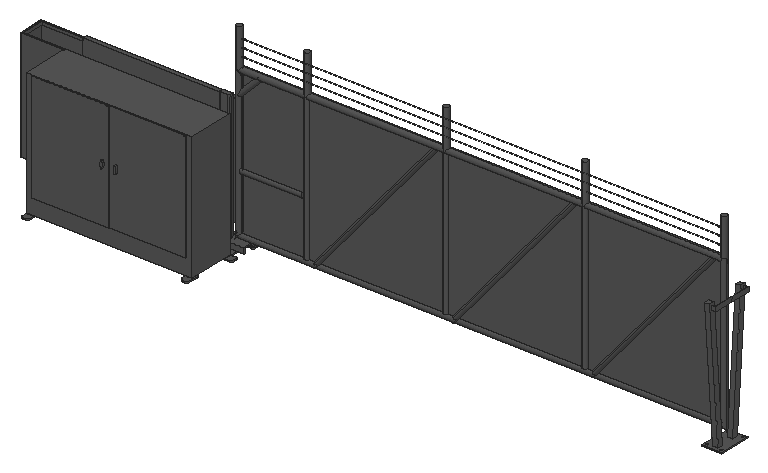
Revit family "1Construction_Fences-&-Traffic-Security_AutoGate_Chainlink-Pivot-Gates", category Specialty Equipment, Revit 2023
Family settings
  Round Connector Dimension = Use Diameter
  Part Type = Normal
  OmniClass Number = 23.25.40.21.21
  OmniClass Title = Gates
  Work Plane-Based = Yes
  Enable Cutting in Views = Yes
  Always vertical = Yes
  Cut with Voids When Loaded = No
  Maintain Annotation Orientation = No
  Shared = No
  Room Calculation Point = No
Parameters (values of type "Chainlink VPG with Barb Wire")
  z_York Pad Clearance [instance] = and(Concrete Pad Min. Clearance, or(Yoke Option = 5, Yoke Option = 6, Yoke Option = 7))  # yes
  z_Yoke Pad 2 [instance] = if(Yoke Option = 5, 9.500", 5.500")  # 5.500"
  z_Yoke Pad 1 [instance] = if(Yoke Option = 5, 3.500", 7.500")  # 7.500"
  z_Visibility 4 [instance] = z_No of Poles = 5  # no
  z_Visibility 3 [instance] = or(z_No of Poles = 4, z_No of Poles = 5)  # yes
  z_Type Index = 2
  z_Pole Height [instance] = if(z_Type Index = 2, (Height - 7.375" + 2.583"), Height - 7.375")  # 75.208"
  z_No of Poles [instance] = roundup((Length - 27.625" - 2.375") / 74.990") + 1  # 4
  z_FT Distance [instance] = if(z_Type Index = 1, 0.000", 12.000")  # 12.000"
  z_Distance Between Poles [instance] = (Length - 27.625" - 2.375") / (z_No of Poles - 1)  # 56.66667"
  z_Distance BP4 [instance] = z_Distance Between Poles * 4  # 226.66667"
  z_Distance BP3 [instance] = z_Distance Between Poles * 3  # 170.000"
  z_Distance BP2 [instance] = z_Distance Between Poles * 2  # 113.33333"
  z_Barb Wire Visibility = if(z_Type Index = 1, 1 = 0, 1 = 1)  # yes
  Yoke Options Note [instance] = "Hover over to see Yoke Options!\r\n0-None\r\n1-Style A – Post Mounted\r\n2-Style B – Post Mounted\r\n3-Style C – Offset Wall or Post Mounted\r\n4-Style D – Wall or Post Mounted\r\n5-Style DA5 – Pad Mounted\r\n6-Style E – Standard Pad Monted\r\n7-Style F – Gate Perpendicular to Wall\r\n8-Style G – Buried in the Ground\r\n9-Style H – Offset Wall or Post Mount \r\n10-Style Dual Split – Primary Reference – Used on 8” Plus Primary/Secondary Setups\r\n11-Style Dual Split – Secondary Reference – Used on 8” Plus Primary/Secondary Setups\r\n12-Style Dual Center – Used on shorter Primary/Secondary Setups"  # constant formula
  Yoke Option [instance] = 6
  Yoke Material [instance] = AutoGate - Steel - Powder Coated - Black
  Yoke [instance] = if(Yoke Option = 1, "Style A", if(Yoke Option = 2, "Style B", if(Yoke Option = 3, "Style C", if(Yoke Option = 4, "Style D", if(Yoke Option = 5, "Style DA5", if(Yoke Option = 6, "Style E", if(Yoke Option = 7, "Style F", if(Yoke Option = 8, "Style G", if(Yoke Option = 9, "Style H", if(Yoke Option = 10, "Style Dual Split - Primary Reference", if(Yoke Option = 11, "Style Dual Split - Secondary Reference", if(Yoke Option = 12, "Style Dual Center", "None"))))))))))))  # "Style E"
  Voltage [instance] = if([240VAC 1PH 20Amp], 240 V, 120 V)  # 120 V
  Version = 1  # constant formula
  URL = "https://www.autogate.com/"
  Righthand Gate [instance] = not(Lefthand Gate)  # no
  Rated Load Current [instance] = 20 A
  Product data url = "https://www.bimobject.com/en/autogate/product/chainlink-pivot-gates"
  Product Page URL = "https://www.autogate.com/vertical-pivot-gates/"
  Product Documentation Link = "https://www.itwredhead.com/portals/0/fmproductcatalog/documents/products/39/trubolttechnicaldata.pdf"
  Power Option [instance] = if([240VAC 1PH 20Amp], "240VAC 1PH 20Amp", "120VAC 1PH 20Amp")  # "120VAC 1PH 20Amp"
  Power Factor [instance] = 1
  Operator to Yoke Length [instance] = Length - 2.000" - 2.400"  # 195.600"
  Number of Poles [instance] = 1  # constant formula
  Model = if(z_Type Index = 1, "Chainlink - VPG - Flat Top", "Chainlink - VPG - Barb Wire")  # "Chainlink - VPG - Barb Wire"
  Lefthand Gate [instance] = yes
  Keynote = "323100"  # constant formula
  Installation instructions = "https://www.itwredhead.com/portals/0/fmproductcatalog/documents/products/95/truboltsubmittal-1.pdf"
  Geometry Note [instance] = "Geometry is generic and used for presentation only. User should contact MFR to create geometry as per wishes and local standards. User should also consult factory for gates over 8’ high as they require special crating and freight arrangements."  # constant formula
  Gate Operator Side Note [instance] = "Hover over to see Gate Operator Side Options!\nOptions are:\n- Lefthand\n- Righthand\nPlease Select correct option based on specific situation, for every instance in the project.\nHave in mind that left/right side is always defined looking from the Private Side of the gate.\nOperator maintenance doors are away in the Private Side."  # constant formula
  Operator Type [instance] = if(Lefthand Gate, "Lefthand VPG2490", "Righthand VPG2490")  # "Lefthand VPG2490"
  Operator Material [instance] = AutoGate - Steel - Powder Coated - Black
  Min Gate Length [instance] = 120.000"  # constant formula
  Min Gate Height [instance] = 48.000"  # constant formula
  Max Gate Length [instance] = 300.000"  # constant formula
  Max Gate Height [instance] = 96.000"  # constant formula
  Length Input [instance] = 200.000"
  Length [instance] = if(Length Input < Min Gate Length, Min Gate Length, if(Length Input > Max Gate Length, Max Gate Length, Length Input))  # 200.000"
  Height Input [instance] = 80.000"
  Height [instance] = if(Height Input < Min Gate Height, Min Gate Height, if(Height Input > Max Gate Height, Max Gate Height, Height Input))  # 80.000"
  Gate Material [instance] = AutoGate - Steel - Powder Coated - Black
  Manufacturer = "AutoGate"  # constant formula
  Fence Post OD Input [instance] = 0.000"
  Fence Post OD [instance] = if(or(Yoke Option = 1, Yoke Option = 2), Fence Post OD Input, 0.000")  # 0.000"
  Description = "Chainlink Vertcal Pivot Gate"  # constant formula
  Default Elevation = 0.000"
  Date Updated = "-"  # constant formula
  Date Created = "2025/09/17"  # constant formula
  Concrete Pad Min. Clearance [instance] = yes
  Chainlink Mesh Gate Material [instance] = AutoGate - Steel Gate Screen - Powder Coated - Black
  Barrier Screen Material [instance] = AutoGate - Steel Screen - Powder Coated - Black
  Assembly Code = "G2040100"
  Apparent Load [instance] = 0 VA
  240VAC 1PH 20Amp [instance] = no
  120VAC 1PH 20Amp [instance] = not([240VAC 1PH 20Amp])  # yes
Reference planes (in)
  plane 1 "Center (Front/Back)": y = 0
  plane 2: z = 0
  plane 3 "Center (Left/Right)": x = 0
  plane 4 "L1": x = -100
  plane 5 "L2": x = 100
  plane 6: z = 5
  plane 7: x = 98.625
  plane 8: z = -36
  plane 9: y = 9
  plane 10: y = -9
  plane 11: x = 105.5
  plane 12: x = 92.5
  plane 13: y = 9.474
  plane 14: x = -173.5925
  plane 15: x = -91.5925
  plane 16: y = -38.526
  plane 17 "H": z = 80
  plane 18: z = 7.375
  plane 19 "FT": z = 68
  plane 20: z = 65.625
  plane 21: x = -72.375
  plane 22 "bw3": z = 78
  plane 23 "bw2": z = 74.75
  plane 24 "bw1": z = 71.5
  plane 25 "D1": x = -15.70833
  plane 26 "D4": x = 154.29167
  plane 27 "D2": x = 40.95833
  plane 28 "D3": x = 97.625
  plane 29: x = 97.625
  plane 30: z = 28.875
Forms (in)
  Sweep 1, solid, material "AutoGate - Steel - Powder Coated - Black" <- "Gate Material"
    path origin (-106.3001, 0.375, 48) x (-1, 0, 0) y (0, 0, 1)
      loop
        line (-6.3001, 20) -> (-206.3001, 20) -> (-206.3001, -43) -> (-6.3001, -43) -> (-6.3001, 20)
    profile origin (0, 0.375, 68) x (0, 0, -1) y (0, 1, 0)
      loop
        circle (1.1875, -0.375) r 1.1875
  Sweep 2, solid, material "AutoGate - Steel - Powder Coated - Black" <- "Gate Material", detail levels medium+fine
    path origin (-106.3001, 0.375, 48) x (-1, 0, 0) y (0, 0, 1)
      loop
        line (-38.70116, -43) -> (-88.59177, 17.625)
    profile origin (-42.65364, 0.375, 35.3125) x (0.772154, 0, -0.635435) y (0, 1, 0)
      loop
        circle (-1, -0.375) r 1
  Sweep 3, solid, material "AutoGate - Steel - Powder Coated - Black" <- "Gate Material", detail levels medium+fine
    path origin (-31.31052, 0.375, 48) x (-1, 0, 0) y (0, 0, 1)
      loop
        line (-20.37833, -43) -> (-70.26894, 17.625)
    profile origin (14.01311, 0.375, 35.3125) x (0.772154, 0, -0.635435) y (0, 1, 0)
      loop
        circle (-1, -0.375) r 1
  Sweep 4, solid, material "AutoGate - Steel - Powder Coated - Black" <- "Gate Material", visible <- "z_Visibility 3", detail levels medium+fine
    path origin (28.6999, 0.375, 48) x (-1, 0, 0) y (0, 0, 1)
      loop
        line (-17.03449, -43) -> (-66.9251, 17.625)
    profile origin (70.67969, 0.375, 35.3125) x (0.772154, 0, -0.635435) y (0, 1, 0)
      loop
        circle (-1, -0.375) r 1
  Sweep 5, solid, material "AutoGate - Steel - Powder Coated - Black" <- "Gate Material", visible <- "z_Visibility 4", detail levels medium+fine
    path origin (103.68948, 0.375, 48) x (-1, 0, 0) y (0, 0, 1)
      loop
        line (1.28834, -43) -> (-48.60227, 17.625)
    profile origin (127.34644, 0.375, 35.3125) x (0.772154, 0, -0.635435) y (0, 1, 0)
      loop
        circle (-1, -0.375) r 1
  Extrusion 6, solid, material "AutoGate - Steel - Powder Coated - Black" <- "Gate Material", detail levels coarse
    sketch origin (-106.3001, 0, 48) x (-1, 0, 0) y (0, 0, 1)
      loop
        line (-8.6751, 32) -> (-203.9251, 32) -> (-203.9251, -40.625) -> (-8.6751, -40.625) -> (-8.6751, 32)
    from -0.5 to 0.5
  Extrusion 7, solid, material "AutoGate - Steel Gate Screen - Powder Coated - Black" <- "Chainlink Mesh Gate Material", detail levels medium+fine
    sketch origin (-106.3001, 0, 48) x (-1, 0, 0) y (0, 0, 1)
      loop
        line (-8.6751, 17.625) -> (-203.9251, 17.625) -> (-203.9251, -40.625) -> (-8.6751, -40.625) -> (-8.6751, 17.625)
    from -0.5 to 0.5
  Extrusion 8, solid, material "AutoGate - Steel - Powder Coated - Black" <- "Gate Material", visible <- "z_Barb Wire Visibility", detail levels medium+fine
    sketch origin (0, 0, 0) x (0, 1, 0) y (0, 0, 1)
      loop
        circle (0, 71.5) r 0.05
      loop
        circle (0, 74.75) r 0.05
      loop
        circle (0, 78) r 0.05
    from -97.625 to 97.625
  Sweep 9, solid, material "AutoGate - Steel - Powder Coated - Black" <- "Gate Material", detail levels medium+fine
    path origin (-106.3001, 0.375, 48) x (-1, 0, 0) y (0, 0, 1)
      loop
        line (-8.6751, -19.125) -> (-33.9251, -19.125)
    profile origin (-85, 0.375, 28.875) x (0, 0, -1) y (0, 1, 0)
      loop
        circle (-1.1875, -0.375) r 1.1875
  Sweep 10, solid, material "AutoGate - Steel - Powder Coated - Black" <- "Gate Material", detail levels medium+fine
    path origin (-106.3001, 0.375, 48) x (-1, 0, 0) y (0, 0, 1)
      loop
        line (-8.6751, 9.13986) -> (-17.16025, 17.625)
    profile origin (-89.13986, 0.375, 65.625) x (0.707107, 0, -0.707107) y (0, 1, 0)
      loop
        circle (-1.1875, -0.375) r 1.1875
Lines and regions (in)
  Masking region 1
    outline origin (-116.90053, -180, -36) x (-1, 0, 0) y (0, -1, 0)
      loop
        arc (-18.08803, -181.1875) -> (-16.90053, -180) -> (-18.08803, -178.8125) r 1.1875
        line (-18.08803, -178.8125) -> (-215.71303, -178.8125)
        arc (-215.71303, -178.8125) -> (-216.90053, -180) -> (-215.71303, -181.1875) r 1.1875
        line (-215.71303, -181.1875) -> (-18.08803, -181.1875)
  Masking region 2, visible <- "z_Barb Wire Visibility", detail levels medium+fine
    outline origin (-116.90053, -180, -36) x (-1, 0, 0) y (0, -1, 0)
      loop
        line (-19.27553, -180.025) -> (-19.27553, -179.975) -> (-214.52553, -179.975) -> (-214.52553, -180.025) -> (-19.27553, -180.025)
  model lines, style "AutoGate_Concrete Pad Clearance", visible <- "z_York Pad Clearance"
    curve 1: line (105.5, 9, 0) -> (92.5, 9, 0)
    curve 2: line (105.5, -9, 0) -> (105.5, 9, 0)
    curve 3: line (92.5, -9, 0) -> (105.5, -9, 0)
    curve 4: line (92.5, 9, 0) -> (92.5, -9, 0)
    curve 13: line (105.5, 9, -36) -> (92.5, 9, -36)
    curve 14: line (92.5, 9, -36) -> (92.5, -9, -36)
    curve 15: line (92.5, -9, -36) -> (105.5, -9, -36)
    curve 16: line (105.5, -9, -36) -> (105.5, 9, -36)
    curve 21: line (92.5, 9, 0) -> (92.5, 9, -36)
    curve 22: line (92.5, -9, -36) -> (92.5, -9, 0)
    curve 23: line (105.5, 9, 0) -> (105.5, 9, -36)
    curve 24: line (105.5, -9, -36) -> (105.5, -9, 0)
  model lines, style "AutoGate_Concrete Pad Clearance", visible <- "Concrete Pad Min. Clearance"
    curve 5: line (-91.5925, 9.474, 0) -> (-173.5925, 9.474, 0)
    curve 6: line (-173.5925, -38.526, 0) -> (-173.5925, 9.474, 0)
    curve 7: line (-91.5925, -38.526, 0) -> (-173.5925, -38.526, 0)
    curve 8: line (-91.5925, 9.474, 0) -> (-91.5925, -38.526, 0)
    curve 9: line (-91.5925, 9.474, -36) -> (-173.5925, 9.474, -36)
    curve 10: line (-173.5925, -38.526, -36) -> (-173.5925, 9.474, -36)
    curve 11: line (-91.5925, -38.526, -36) -> (-173.5925, -38.526, -36)
    curve 12: line (-91.5925, 9.474, -36) -> (-91.5925, -38.526, -36)
    curve 17: line (-173.5925, 9.474, 0) -> (-173.5925, 9.474, -36)
    curve 18: line (-173.5925, -38.526, 0) -> (-173.5925, -38.526, -36)
    curve 19: line (-91.5925, -38.526, 0) -> (-91.5925, -38.526, -36)
    curve 20: line (-91.5925, 9.474, 0) -> (-91.5925, 9.474, -36)
Dimensions and locks (in)
  equal spacing: plane 5 "L2", plane 3 "Center (Left/Right)", plane 4 "L1"
  "Length": plane 5 "L2" to plane 4 "L1"
  locked: plane 6 to plane 2 at 5
  locked: plane 5 "L2" to plane 7 at 1.375
  locked: nested 2 to plane 1 "Center (Front/Back)" at 0.021
  nested 2 to nested 2 = 17.500"
  plane 2 to plane 8 = 36.000"
  locked: plane 13 to nested 2 at 3
  locked: plane 16 to plane 13 at 48
  locked: plane 14 to plane 15 at 82
  locked: plane 4 "L1" to plane 15 at 8.4075
  "z_Yoke Pad 1": plane 12 to plane 5 "L2"
  "z_Yoke Pad 2": plane 5 "L2" to plane 11
  curve 3 to plane 1 "Center (Front/Back)" to curve 1 = 9.000" locked, 9.000" locked
  "Height": plane 17 "H" to plane 2
  locked: plane 4 "L1" to nested 2 at 0.9075
  "z_FT Distance": plane 17 "H" to plane 19 "FT"
  locked: plane 19 "FT" to plane 20 at 2.375
  locked: plane 21 to plane 4 "L1" at 27.625
  locked: plane 18 to plane 2 at 7.375
  "z_Distance Between Poles": plane 21 to plane 25 "D1"
  "z_Distance BP2": plane 21 to plane 27 "D2"
  "z_Distance BP3": plane 21 to plane 28 "D3"
  "z_Distance BP4": plane 21 to plane 26 "D4"
  locked: plane 5 "L2" to plane 29 at 2.375
  equal spacing: group 1, group 3, group 7, group 2  (x3)
  locked: Sweep 2 sketch curve to plane 25 "D1" at 2
  locked: plane 21 to Sweep 2 sketch curve at 4.77605
  locked: Sweep 3 sketch curve to plane 27 "D2" at 1.99992
  locked: plane 25 "D1" to Sweep 3 sketch curve at 4.77614
  locked: plane 27 "D2" to Sweep 4 sketch curve at 4.77605
  locked: Sweep 4 sketch curve to plane 28 "D3" at 2
  locked: plane 28 "D3" to Sweep 5 sketch curve at 4.77614
  locked: plane 26 "D4" to Sweep 5 sketch curve at 1.99992
  locked: Extrusion 6 sketch curve to plane 4 "L1" at 2.375
  locked: plane 5 "L2" to Extrusion 6 sketch curve at 2.375
  locked: Extrusion 7 sketch curve to plane 4 "L1" at 2.375
  locked: plane 5 "L2" to Extrusion 7 sketch curve at 2.375
  plane 17 "H" to plane 22 "bw3" to plane 23 "bw2" to plane 24 "bw1" = 2.000" locked, 3.250" locked, 3.250" locked
  locked: plane 4 "L1" to Extrusion 8 at 2.375
  locked: plane 5 "L2" to Extrusion 8 at 2.375
  locked: plane 30 to plane 2 at 28.875
  locked: Sweep 9 sketch curve to plane 4 "L1" at 2.375
  locked: Sweep 9 sketch curve to plane 4 "L1" at 27.625
  locked: Sweep 10 sketch curve to plane 4 "L1" at 2.375
  locked: plane 19 "FT" to Sweep 10 sketch curve at 2.375
  locked: Sweep 10 sketch curve to plane 4 "L1" at 10.86014
  locked: plane 19 "FT" to Sweep 10 sketch curve at 10.86014
  equal spacing: group 4, group 6, group 8, group 5  (x3)
  locked: nested 9 to plane 5 "L2" at 2.375
  locked: plane 4 "L1" to Masking region 2 sketch curve at 2.375
  locked: Masking region 2 sketch curve to plane 5 "L2" at 2.375
  aligned and locked: level to plane 2
  aligned and locked: plane 1 "Center (Front/Back)" to nested 1
  aligned and locked: nested 1 to plane 5 "L2"
  aligned and locked: nested 1 to plane 2
  aligned and locked: curve 2 to plane 11
  aligned and locked: curve 4 to plane 12
  aligned and locked: curve 6 to plane 14
  aligned and locked: curve 7 to plane 16
  aligned and locked: curve 8 to plane 15
  aligned and locked: curve 9 to curve 5
  aligned and locked: curve 10 to plane 14
  aligned and locked: curve 11 to plane 16
  aligned and locked: curve 12 to plane 15
  aligned and locked: curve 13 to curve 1
  aligned and locked: curve 14 to curve 4
  aligned and locked: curve 15 to curve 3
  aligned and locked: curve 16 to curve 2
  aligned and locked: curve 17 to plane 13
  aligned and locked: curve 18 to plane 16
  aligned and locked: plane 16 to curve 19
  aligned and locked: plane 13 to curve 20
  aligned and locked: plane 9 to curve 21
  aligned and locked: curve 22 to plane 10
  aligned and locked: curve 23 to plane 9
  aligned and locked: curve 24 to plane 10
  aligned and locked: plane 2 to nested 2
  aligned and locked: Sweep 1 sketch curve to plane 4 "L1"
  aligned and locked: plane 6 to Sweep 1 sketch curve
  aligned and locked: plane 5 "L2" to Sweep 1 sketch curve
  aligned and locked: plane 1 "Center (Front/Back)" to nested 3
  aligned and locked: plane 18 to nested 3
  aligned and locked: plane 4 "L1" to nested 3
  aligned and locked: Sweep 1 sketch curve to plane 19 "FT"
  aligned and locked: nested 4 to plane 21
  aligned and locked: plane 18 to nested 4
  aligned and locked: plane 1 "Center (Front/Back)" to nested 4
  aligned and locked: nested 5 to plane 29
  aligned and locked: plane 18 to nested 5
  aligned and locked: plane 1 "Center (Front/Back)" to nested 5
  aligned and locked: plane 20 to Sweep 2 sketch curve
  aligned and locked: plane 6 to Sweep 2 sketch curve
  aligned and locked: plane 6 to Sweep 3 sketch curve
  aligned and locked: plane 20 to Sweep 3 sketch curve
  aligned and locked: plane 6 to Sweep 4 sketch curve
  aligned and locked: plane 20 to Sweep 4 sketch curve
  aligned and locked: plane 6 to Sweep 5 sketch curve
  aligned and locked: plane 20 to Sweep 5 sketch curve
  aligned and locked: Extrusion 6 sketch curve to plane 18
  aligned and locked: plane 20 to Extrusion 7 sketch curve
  aligned and locked: Extrusion 7 sketch curve to plane 18
  aligned and locked: plane 22 "bw3" to Extrusion 8 sketch curve
  aligned and locked: plane 23 "bw2" to Extrusion 8 sketch curve
  aligned and locked: plane 24 "bw1" to Extrusion 8 sketch curve
  aligned and locked: plane 30 to Sweep 9 sketch curve
  aligned and locked: plane 1 "Center (Front/Back)" to nested 7
  aligned and locked: nested 7 to plane 4 "L1"
  aligned and locked: plane 21 to nested 8
  aligned and locked: plane 1 "Center (Front/Back)" to nested 9
  aligned and locked: nested 9 to plane 5 "L2"
  aligned and locked: Extrusion 6 sketch curve to plane 17 "H"
Automatic sketch dimensions
  curve 5 to plane 13 = 0.000"
  curve 17 to plane 8 = 0.000"
  curve 18 to plane 8 = 0.000"
  curve 18 to level = 0.000"
  curve 17 to level = 0.000"
  curve 19 to plane 8 = 0.000"
  curve 20 to plane 8 = 0.000"
  curve 20 to level = 0.000"
  curve 19 to level = 0.000"
  curve 21 to plane 8 = 0.000"
  curve 22 to plane 8 = 0.000"
  curve 22 to level = 0.000"
  curve 21 to level = 0.000"
  curve 23 to plane 8 = 0.000"
  curve 24 to plane 8 = 0.000"
  curve 24 to level = 0.000"
  curve 23 to level = 0.000"
  Sweep 1 sketch curve to profile plane = 0.375"
  Sweep 1 sketch curve to profile plane = 1.1875"
  plane 1 "Center (Front/Back)" to Masking region 1 sketch curve = 0.000"
  plane 7 to Masking region 1 sketch curve = 0.1875"
  plane 4 "L1" to Masking region 1 sketch curve = 1.1875"
  Masking region 1 sketch curve to plane 1 "Center (Front/Back)" = 1.1875"
  Sweep 2 sketch curve to Sweep 2 sketch curve = 0.000"  (x2)
  Sweep 2 sketch curve to profile plane = 0.375"
  profile plane to Sweep 2 sketch curve = 1.000"
  Sweep 2 sketch curve to Sweep 2 sketch curve = 1.000"
  Sweep 3 sketch curve to Sweep 3 sketch curve = 0.000"  (x2)
  Sweep 3 sketch curve to profile plane = 0.375"
  profile plane to Sweep 3 sketch curve = 1.000"
  Sweep 3 sketch curve to Sweep 3 sketch curve = 1.000"
  Sweep 4 sketch curve to Sweep 4 sketch curve = 0.000"  (x2)
  Sweep 4 sketch curve to profile plane = 0.375"
  profile plane to Sweep 4 sketch curve = 1.000"
  Sweep 4 sketch curve to Sweep 4 sketch curve = 1.000"
  Sweep 5 sketch curve to Sweep 5 sketch curve = 0.000"  (x2)
  Sweep 5 sketch curve to profile plane = 0.375"
  profile plane to Sweep 5 sketch curve = 1.000"
  Sweep 5 sketch curve to Sweep 5 sketch curve = 1.000"
  Extrusion 8 sketch curve to plane 1 "Center (Front/Back)" = 0.000"  (x3)
  profile plane to Sweep 9 sketch curve = 1.1875"
  Sweep 9 sketch curve to profile plane = 0.375"
  profile plane to Sweep 10 sketch curve = 1.1875"
  Sweep 10 sketch curve to profile plane = 0.375"
  plane 1 "Center (Front/Back)" to Masking region 2 sketch curve = 0.025"
  Masking region 2 sketch curve to plane 1 "Center (Front/Back)" = 0.025"
  radius of Sweep 1 sketch curve = 1.1875"
  radius of Extrusion 8 sketch curve = 0.050"  (x3)
  radius of Sweep 9 sketch curve = 1.1875"
  radius of Sweep 10 sketch curve = 1.1875"
Nested families (in)
  nested 1: "Yoke" at (100, 0, 0), Fence Post O.D. Input <- "Fence Post OD", type "Yoke"
    with Halfback Out Dia 6.250", Halfback Offset 3.000", Halfback Length B 8.094", Halfback Length A 7.500", Halfback Dia 6.000", Fence Post O.D. Input 0.000", Fence Height 80.000"
  nested 2: "Gate Operator" at (-99.0925, -23.956, 0), type "Gate Operator"
  nested 3: "Pole" at (-100, 0, 7.375), type "Pole"
    with Height 75.208"
  nested 4: "Pole" at (-72.375, 0, 7.375), type "Pole", detail levels medium+fine
    with Height 75.208"
  nested 5: "Pole" at (97.625, 0, 7.375), type "Pole", detail levels medium+fine
    with Height 75.208"
  nested 6: "Pole" at (-15.70833, 0, 7.375), type "Pole", detail levels medium+fine
    with Height 75.208"
  nested 7: "DI" at (-98.8125, 0, -36), type "DI"
  nested 8: "DI" at (-71.1875, 0, -36), visible <- "z_Barb Wire Visibility", type "DI"
  nested 9: "DI" at (98.8125, 0, -36), visible <- "z_Barb Wire Visibility", type "DI"
  nested 10: "DI" at (-14.52083, 0, -36), visible <- "z_Barb Wire Visibility", type "DI"
  nested 11: "Pole" at (40.95833, 0, 7.375), type "Pole", detail levels medium+fine
    with Height 75.208"
  nested 12: "DI" at (42.14583, 0, -36), visible <- "z_Barb Wire Visibility", type "DI"
Connectors (in)
  electrical at (-166.2675, -14.206, 26.4637), driven by "Number of Poles", driven by "Voltage", driven by "Power Factor", driven by "Apparent Load"
    settings: on nested 2, index 1, voltage 120 V, apparent load 0 VA, apparent load phase1 0 VA, apparent load phase2 0 VA, apparent load phase3 0 VA, power factor 1, load classification "Power", number of poles 1, system type 31, power factor state 1, is connector primary yes, connector utility no, sub classification motor no, connector description "Power"
Definition of nested family "Yoke"
  Parameters (values of type "Yoke")
    Void Bottom G = if(Type_Index = 8, 0.000", 3.000")  # 3.000"
    Void E_F_G = if(or(Type_Index = 6, Type_Index = 7, Type_Index = 8, Type_Index = 6), 0.250", 0.000")  # 0.250"
    Void DA5 = if(Type_Index = 5, 0.250", 0.000")  # 0.000"
    Void D = if(Type_Index = 4, 2.500", 1.000")  # 1.000"
    Void Bottom = if(or(Type_Index = 6, Type_Index = 7, Type_Index = 8), 4.000", if(Type_Index = 8, 2.000", 0.000"))  # 4.000"
    Top Br Offset B_F = if(Type_Index = 7, 5.131", 5.250")  # 5.250"
    Top Br B_F = if(or(Type_Index = 2, Type_Index = 7), 1 = 1, 1 = 0)  # no
    Top Br A_D_DA5_E_G = if(or(Type_Index = 1, Type_Index = 4, Type_Index = 5, Type_Index = 6, Type_Index = 8), 1 = 1, 1 = 0)  # yes
    Post R-F = if(Type_Index = 7, 1 = 1, 1 = 0)  # no
    Post R = if(or(Type_Index = 1, Type_Index = 4, Type_Index = 5, Type_Index = 6, Type_Index = 8), 1 = 1, 1 = 0)  # yes
    Halfback Out Dia [instance] = if(A, Halfback Dia + 0.220", Halfback Dia + 0.250")  # 6.250"
    H = if(Type_Index = 9, 1 = 1, 1 = 0)  # no
    Post L = if(or(Type_Index = 0, Type_Index = 10, Type_Index > 9), 1 = 0, 1 = 1)  # yes
    Halfback Length B [instance] = Halfback Dia + 2.094"  # 8.094"
    Halfback Length A [instance] = Halfback Dia + 1.500"  # 7.500"
    G = if(Type_Index = 8, 1 = 1, 1 = 0)  # no
    F = if(Type_Index = 7, 1 = 1, 1 = 0)  # no
    E = if(Type_Index = 6, 1 = 1, 1 = 0)  # yes
    DS_P = if(Type_Index = 11, 1 = 1, 1 = 0)  # no
    DS_S = if(Type_Index = 10, 1 = 1, 1 = 0)  # no
    DC_DS = or(DS_S, DC, DS_P)  # no
    DC = if(Type_Index = 12, 1 = 1, 1 = 0)  # no
    B = if(Type_Index = 2, 1 = 1, 1 = 0)  # no
    Halfback Offset [instance] = Halfback Dia / 2  # 3.000"
    A = if(Type_Index = 1, 1 = 1, 1 = 0)  # no
    DA5 = if(Type_Index = 5, 1 = 1, 1 = 0)  # no
    Bottom Plate Offset = if(Type_Index = 5, 1.000", if(or(Type_Index = 6, Type_Index = 7), 5.000", 0.000"))  # 5.000"
    Bottom Plate = if(or(Type_Index = 5, Type_Index = 6, Type_Index = 7), 1 = 1, 1 = 0)  # yes
    C = if(Type_Index = 3, 1 = 1, 1 = 0)  # no
    Bottom Br A_D_DA5 = if(or(Type_Index = 1, Type_Index = 4, Type_Index = 5), 1 = 1, 1 = 0)  # no
    Halfback Dia [instance] = if(and(A, Fence Post O.D. Input < 2.000"), 2.000", if(and(A, Fence Post O.D. Input > 8.000"), 8.000", if(A, Fence Post O.D. Input, if(and(B, Fence Post O.D. Input < 2.000"), 2.020", if(and(B, Fence Post O.D. Input > 8.000"), 8.020", if(B, Fence Post O.D. Input + 0.020", 6.000"))))))  # 6.000"
    Type_Index = 6
    Material = none
    Fence Post O.D. Input [instance] = 0.000"
    Fence Height = 84.000"
    Default Elevation = 0.000"
  Reference planes (in)
    plane 1 "Center (Front/Back)": y = 0
    plane 2: z = 0
    plane 3 "Center (Left/Right)": x = 0
    plane 4: z = 54.5
    plane 5: x = -2
    plane 6: z = 0.25
    plane 7: x = -4
    plane 8: x = -6
    plane 9: z = 54
    plane 10: z = 52
    plane 11: y = -8.25
    plane 12: y = 8.25
    plane 13: x = 2
    plane 14: z = 9
    plane 15: z = 11
    plane 16: y = -5.25
    plane 17: y = 5.25
    plane 18: x = 5
    plane 19: y = 3.75
    plane 20: y = -3.75
    plane 21: z = 54.125
    plane 22: z = 51.875
    plane 23: z = 11.125
    plane 24: z = 8.875
    plane 25: y = -4.949
    plane 26: x = 1.5
    plane 27: x = 1.75
    plane 28: y = 8.25
    plane 29: x = 4.047
    plane 30: x = -4.047
    plane 31: x = 1
    plane 32: x = 2
    plane 33: x = 4
    plane 34: x = 2.875
    plane 35: x = 3.125
    plane 36: z = 0
    plane 37: z = -0.25
    plane 38: x = -5
    plane 39: z = 0.25
    plane 40: z = 0
    plane 41: z = 0.5
    plane 42: x = -3
    plane 43: x = -5
    plane 44: z = -36
    plane 45: z = 5
    plane 46: z = 44.5
    plane 47: z = 84
    plane 48: z = 35.69506
    plane 49: z = 33.29506
    plane 50: z = 53.30494
    plane 51: z = 55.70494
    plane 52: z = 62.5
    plane 53: z = 26.5
    plane 54: z = 12.875
    plane 55: z = 76.125
  Forms (in)
    Extrusion 1, solid, material <- "Material", visible <- "Post L"
      sketch origin (0, 0, 0) x (0, 1, 0) y (0, 0, 1)
        loop
          line (-6.73765, 54.5) -> (-8.73277, 54.36049) -> (-4.949, 0.25) -> (-2.94412, 0.25) -> (-6.73765, 54.5)
      from -2 to 0
    Extrusion 2, solid, material <- "Material", visible <- "Post R"
      sketch origin (0, 0, 0) x (0, -1, 0) y (0, 0, -1)
        loop
          line (-6.73808, -54.5) -> (-2.94455, -0.25) -> (-4.94944, -0.25) -> (-8.73321, -54.36049) -> (-6.73808, -54.5)
      from -2 to 0
    Extrusion 3, void
      sketch origin (0, 0, 0) x (0, 1, 0) y (0, 0, 1)
        loop
          line (-3.28646, 5.13951) -> (-5.28159, 5) -> (-5.28159, 0) -> (5.28159, 0) -> (5.28159, 5) -> (3.28646, 5.13951) -> (-3.28646, 5.13951)
      from -4 to -6
    Extrusion 4, solid, material <- "Material", visible <- "Top Br A_D_DA5_E_G"
      sketch origin (0, 0, 0) x (1, 0, 0) y (0, 1, 0)
        loop
          line (0, -8) -> (0, -8.25) -> (2, -8.25) -> (2, 0) -> (2, 8.25) -> (0, 8.25) -> (0, 8) -> (1.75, 8) -> (1.75, 0) -> (1.75, -8) -> (0, -8)
      from 52 to 54
    Extrusion 5, solid, material <- "Material", visible <- "Bottom Br A_D_DA5"
      sketch origin (0, 0, 0) x (1, 0, 0) y (0, 1, 0)
        loop
          line (0, -5) -> (0, -5.25) -> (2, -5.25) -> (2, 0) -> (2, 5.25) -> (0, 5.25) -> (0, 5) -> (1.75, 5) -> (1.75, 0) -> (1.75, -5) -> (0, -5)
      from 9 to 11
    Extrusion 6, solid, material <- "Material", visible <- "A"
      sketch origin (0, 0, 0) x (1, 0, 0) y (0, 1, 0)
        loop
          line (4.72637, 2.9766) -> (4.72637, 3.75) -> (4.63262, 3.75) -> (4.63262, 3.0898)
          arc (4.63262, 3.0898) -> (1.97537, 0) -> (4.63262, -3.0898) r 3.125
          line (4.63262, -3.0898) -> (4.63262, -3.75) -> (4.72637, -3.75) -> (4.72637, -2.9766)
          arc (4.72637, -2.9766) -> (2.10037, 0) -> (4.72637, 2.9766) r 3
        loop
          line (5.27363, -2.9766) -> (5.27363, -3.75) -> (5.36738, -3.75) -> (5.36738, -3.0898)
          arc (5.36738, -3.0898) -> (8.02463, 0) -> (5.36738, 3.0898) r 3.125
          line (5.36738, 3.0898) -> (5.36738, 3.75) -> (5.27363, 3.75) -> (5.27363, 2.9766)
          arc (5.27363, 2.9766) -> (7.89963, 0) -> (5.27363, -2.9766) r 3
      from 51.875 to 54.125
    Extrusion 7, solid, material <- "Material", visible <- "A"
      sketch origin (0, 0, -20) x (1, 0, 0) y (0, 1, 0)
        loop
          line (4.72637, 2.9766) -> (4.72637, 3.75) -> (4.63262, 3.75) -> (4.63262, 3.0898)
          arc (4.63262, 3.0898) -> (1.97537, 0) -> (4.63262, -3.0898) r 3.125
          line (4.63262, -3.0898) -> (4.63262, -3.75) -> (4.72637, -3.75) -> (4.72637, -2.9766)
          arc (4.72637, -2.9766) -> (2.10037, 0) -> (4.72637, 2.9766) r 3
        loop
          line (5.27363, -2.9766) -> (5.27363, -3.75) -> (5.36738, -3.75) -> (5.36738, -3.0898)
          arc (5.36738, -3.0898) -> (8.02463, 0) -> (5.36738, 3.0898) r 3.125
          line (5.36738, 3.0898) -> (5.36738, 3.75) -> (5.27363, 3.75) -> (5.27363, 2.9766)
          arc (5.27363, 2.9766) -> (7.89963, 0) -> (5.27363, -2.9766) r 3
      from 28.875 to 31.125
    Extrusion 8, solid, material <- "Material", visible <- "B"
      sketch origin (0, 0, 0) x (0, 1, 0) y (0, 0, 1)
        loop
          line (-1, 54) -> (-1, 9) -> (1, 9) -> (1, 54) -> (-1, 54)
      from 1.5 to 1.75
    Extrusion 9, solid, material <- "Material", visible <- "Top Br B_F"
      sketch origin (0, 0, 0) x (1, 0, 0) y (0, 1, 0)
        loop
          line (0, -7.24946) -> (2, -7.24946) -> (2, 5.25) -> (0, 5.25) -> (0, 5) -> (1.75, 5) -> (1.75, -6.99946) -> (0, -6.99946) -> (0, -7.24946)
      from 52 to 54
    Extrusion 10, solid, material <- "Material", visible <- "B"
      sketch origin (0, 0, 0) x (1, 0, 0) y (0, 1, 0)
        loop
          line (0, -5.25) -> (2, -5.25) -> (2, 5.25) -> (0, 5.25) -> (0, 5) -> (1.75, 5) -> (1.75, -5) -> (0, -5) -> (0, -5.25)
      from 9 to 11
    Extrusion 11, solid, material <- "Material", visible <- "B"
      sketch origin (0, 0, 0) x (1, 0, 0) y (0, 1, 0)
        loop
          arc (3.06198, 8.74037) -> (0, 11.24094) -> (-3.06198, 8.74037) r 3.125
          line (-3.06198, 8.74037) -> (-4.047, 8.74037) -> (-4.047, 8.61537) -> (-2.95814, 8.61537)
          arc (-2.95814, 8.61537) -> (0, 11.11594) -> (2.95814, 8.61537) r 3
          line (2.95814, 8.61537) -> (4.047, 8.61537) -> (4.047, 8.74037) -> (3.06198, 8.74037)
        loop
          arc (-3.06176, 7.75963) -> (0, 5.26014) -> (3.06176, 7.75963) r 3.125
          line (3.06176, 7.75963) -> (4.047, 7.75963) -> (4.047, 7.88463) -> (2.95795, 7.88463)
          arc (2.95795, 7.88463) -> (0, 5.38514) -> (-2.95795, 7.88463) r 3
          line (-2.95795, 7.88463) -> (-4.047, 7.88463) -> (-4.047, 7.75963) -> (-3.06176, 7.75963)
      from 51.875 to 54.125
    Extrusion 12, solid, material <- "Material", visible <- "B"
      sketch origin (0, 0, 0) x (1, 0, 0) y (0, 1, 0)
        loop
          arc (3.06198, 8.74037) -> (0, 11.24094) -> (-3.06198, 8.74037) r 3.125
          line (-3.06198, 8.74037) -> (-4.047, 8.74037) -> (-4.047, 8.61537) -> (-2.95814, 8.61537)
          arc (-2.95814, 8.61537) -> (0, 11.11594) -> (2.95814, 8.61537) r 3
          line (2.95814, 8.61537) -> (4.047, 8.61537) -> (4.047, 8.74037) -> (3.06198, 8.74037)
        loop
          arc (-3.06176, 7.75963) -> (0, 5.26014) -> (3.06176, 7.75963) r 3.125
          line (3.06176, 7.75963) -> (4.047, 7.75963) -> (4.047, 7.88463) -> (2.95795, 7.88463)
          arc (2.95795, 7.88463) -> (0, 5.38514) -> (-2.95795, 7.88463) r 3
          line (-2.95795, 7.88463) -> (-4.047, 7.88463) -> (-4.047, 7.75963) -> (-3.06176, 7.75963)
      from 8.875 to 11.125
    Extrusion 13, void
      sketch origin (0, 0, 0) x (0, 1, 0) y (0, 0, 1)
        loop
          circle (-0.49956, 53.5) r 0.1405
        loop
          circle (0.50044, 52.5) r 0.1405
        loop
          circle (-0.49956, 10.5) r 0.1405
        loop
          circle (0.50044, 9.5) r 0.1405
      from 0 to 1
    Extrusion 14, solid, material <- "Material", visible <- "DA5"
      sketch origin (0, 0, 0) x (0, 1, 0) y (0, 0, 1)
        loop
          line (-6.73765, 54.5) -> (-8.73277, 54.36049) -> (-5.28115, 5.00003) -> (-3.28603, 5.13954) -> (-6.73765, 54.5)
        loop
          line (6.73765, 54.5) -> (3.28603, 5.13954) -> (5.28115, 5.00003) -> (8.73277, 54.36049) -> (6.73765, 54.5)
      from 2 to 4
    Extrusion 15, solid, material <- "Material", visible <- "DA5"
      sketch origin (0, 0, 0) x (1, 0, 0) y (0, 1, 0)
        loop
          line (2, -8) -> (0.25, -8) -> (0.25, 0) -> (0.25, 8) -> (2, 8) -> (2, 8.25) -> (0, 8.25) -> (0, 0) -> (0, -8.25) -> (2, -8.25) -> (2, -8)
      from 52 to 54
    Extrusion 16, solid, material <- "Material", visible <- "DA5"
      sketch origin (0, 0, 0) x (1, 0, 0) y (0, 1, 0)
        loop
          line (2, -5) -> (0.25, -5) -> (0.25, 0) -> (0.25, 5) -> (2, 5) -> (2, 5.25) -> (0, 5.25) -> (0, 0) -> (0, -5.25) -> (2, -5.25) -> (2, -5)
      from 9 to 11
    Extrusion 17, solid, material <- "Material", visible <- "DA5"
      sketch origin (0, 0, 0) x (1, 0, 0) y (0, 1, 0)
        loop
          arc (2.375, 1.99746) -> (2.10983, 1.88762) -> (2, 1.62246) r 0.375
          line (2, 1.62246) -> (2, -1.62246)
          arc (2, -1.62246) -> (2.10983, -1.88762) -> (2.375, -1.99746) r 0.375
          line (2.375, -1.99746) -> (3.625, -1.99746)
          arc (3.625, -1.99746) -> (3.89017, -1.88762) -> (4, -1.62246) r 0.375
          line (4, -1.62246) -> (4, 1.62246)
          arc (4, 1.62246) -> (3.89017, 1.88762) -> (3.625, 1.99746) r 0.375
          line (3.625, 1.99746) -> (2.375, 1.99746)
      from 0.25 to 54.5
    Extrusion 18, solid, material <- "Material", visible <- "Bottom Plate"
      sketch origin (0, 0, 0) x (1, 0, 0) y (0, 1, 0)
        loop
          line (3, 6.5) -> (-5, 6.5) -> (-5, -6.5) -> (3, -6.5) -> (3, 6.5)
      from 0 to 0.25
    Extrusion 19, solid, material <- "Material", visible <- "DA5"
      sketch origin (0, 0, 0) x (0, 1, 0) y (0, 0, 1)
        loop
          line (-2, 4.5) -> (-4.25, 2.25) -> (-4.25, 0.25) -> (-2, 0.25) -> (-2, 4.5)
        loop
          line (4.25, 0.25) -> (4.25, 2.25) -> (2, 4.5) -> (2, 0.25) -> (4.25, 0.25)
      from 2.875 to 3.125
    Extrusion 20, void
      sketch origin (0, 0, 0) x (1, 0, 0) y (0, 1, 0)
        loop
          circle (0, 0) r 0.3125
        loop
          circle (6, 0) r 0.3125
        loop
          circle (3, 5.5) r 0.3125
        loop
          circle (3, -5.5) r 0.3125
      from -0.25 to 0
    Extrusion 21, void
      sketch origin (0, 0, 0) x (1, 0, 0) y (0, 1, 0)
        loop
          circle (-4, 5.5) r 0.406
        loop
          circle (2, 5.5) r 0.406
        loop
          circle (2, -5.5) r 0.406
        loop
          circle (-4, -5.5) r 0.406
      from 0 to 0.25
    Extrusion 22, solid, material <- "Material", visible <- "Post R-F"
      sketch origin (0, 0, 0) x (0, 1, 0) y (0, 0, 1)
        loop
          line (4.00044, 54.5) -> (4.00044, 0.25) -> (6.00044, 0.25) -> (6.00044, 54.5) -> (4.00044, 54.5)
      from -2 to 0
    Extrusion 23, solid, material <- "Material", visible <- "H"
      sketch origin (0, 0, 0) x (0, 1, 0) y (0, 0, 1)
        loop
          line (4.00044, 54) -> (4.00044, 9) -> (6.00044, 9) -> (6.00044, 54) -> (4.00044, 54)
      from 1.5 to 1.75
    Extrusion 24, solid, material <- "Material", visible <- "H"
      sketch origin (0, 0, 0) x (1, 0, 0) y (0, 1, 0)
        loop
          line (0, -7.25) -> (2, -7.25) -> (2, 9.25) -> (-2.25, 9.25) -> (-2.25, 9) -> (1.75, 9) -> (1.75, -7) -> (0, -7) -> (0, -7.25)
      from 52 to 54
    Extrusion 25, solid, material <- "Material", visible <- "H"
      sketch origin (0, 0, 0) x (1, 0, 0) y (0, 1, 0)
        loop
          line (-2.25, 9) -> (1.75, 9) -> (1.75, -5) -> (0, -5) -> (0, -5.25) -> (2, -5.25) -> (2, 9.25) -> (-2.25, 9.25) -> (-2.25, 9)
      from 9 to 11
    Extrusion 26, void
      sketch origin (0, 0, 0) x (0, 1, 0) y (0, 0, 1)
        loop
          line (-5.25, 0) -> (5.25, 0) -> (5.25, 0.5) -> (-5.25, 0.5) -> (-5.25, 0)
      from -5 to -3
    Extrusion 27, solid, material <- "Material", visible <- "G"
      sketch origin (0, 0, 0) x (0, 1, 0) y (0, 0, 1)
        loop
          line (5.25, 0.5) -> (-5.25, 0.5) -> (-5.25, 0) -> (5.25, 0) -> (5.25, 0.5)
      from -5 to -3
    Extrusion 28, solid, material <- "Material", visible <- "G"
      sketch origin (0, 0, 0) x (1, 0, 0) y (0, 1, 0)
        loop
          line (-5, 1) -> (-5, -1) -> (0, -1) -> (0, 1) -> (-5, 1)
      from -36 to 0
    Extrusion 29, solid, material <- "Material", visible <- "G"
      sketch origin (0, 0, 0) x (0, 1, 0) y (0, 0, 1)
        loop
          line (-3.99956, -28.73012) -> (-3.99956, -29.48012) -> (4.00044, -29.48012) -> (4.00044, -28.73012) -> (-3.99956, -28.73012)
      from -5.75 to -5
    Extrusion 30, solid, material <- "Material", visible <- "C"
      sketch origin (0, 0, 0) x (1, 0, 0) y (0, 1, 0)
        loop
          line (0, -7.24999) -> (2, -7.24999) -> (2, 4.75) -> (6, 4.75) -> (6, 5) -> (1.75, 5) -> (1.75, -6.99999) -> (0, -6.99999) -> (0, -7.24999)
      from 52 to 54
    Extrusion 31, solid, material <- "Material", visible <- "C"
      sketch origin (0, 0, 0) x (1, 0, 0) y (0, 1, 0)
        loop
          line (2, 4.75) -> (6, 4.75) -> (6, 5) -> (1.75, 5) -> (1.75, -5) -> (0, -5) -> (0, -5.25) -> (2, -5.25) -> (2, 4.75)
      from 9 to 11
    Extrusion 32, solid, material <- "Material", visible <- "DC"
      sketch origin (0, 0, 0) x (1, 0, 0) y (0, 1, 0)
        loop
          line (1.6, 3.25) -> (0, 3.25) -> (0, -3.25) -> (1.6, -3.25) -> (1.6, -3.05) -> (0.2, -3.05) -> (0.2, 3.05) -> (1.6, 3.05) -> (1.6, 3.25)
      from 33.29506 to 35.69506
    Extrusion 33, solid, material <- "Material", visible <- "DC"
      sketch origin (0, 0, 0) x (1, 0, 0) y (0, 1, 0)
        loop
          line (-3.4, 3.25) -> (-5, 3.25) -> (-5, -3.25) -> (-3.4, -3.25) -> (-3.4, -3.05) -> (-4.8, -3.05) -> (-4.8, 3.05) -> (-3.4, 3.05) -> (-3.4, 3.25)
      from 53.30494 to 55.70494
    Sweep 34, solid, material <- "Material", visible <- "DC"
      path origin (0, 0, 0) x (0, 1, 0) y (0, 0, 1)
        loop
          line (4.52916, 62.5) -> (3.05, 56.5) -> (3.05, 32.5) -> (4.52916, 26.5)
      profile origin (0, 3.05, 44.5) x (1, 0, 0) y (0, 1, 0)
        loop
          line (3.2, 0) -> (3.2, 0.875) -> (3.1, 0.875) -> (3.1, 0.1) -> (1.7, 0.1) -> (1.7, 0.875) -> (1.6, 0.875) -> (1.6, 0) -> (3.2, 0)
    Sweep 35, solid, material <- "Material", visible <- "DC"
      path origin (0, 0, 0) x (0, 1, 0) y (0, 0, 1)
        loop
          line (-4.52916, 62.5) -> (-3.05, 56.5) -> (-3.05, 32.5) -> (-4.52916, 26.5)
      profile origin (0, -3.05, 44.5) x (1, 0, 0) y (0, 1, 0)
        loop
          line (3.2, 0) -> (1.6, 0) -> (1.6, -0.875) -> (1.7, -0.875) -> (1.7, -0.1) -> (3.1, -0.1) -> (3.1, -0.875) -> (3.2, -0.875) -> (3.2, 0)
    Extrusion 36, solid, material <- "Material", visible <- "DS_S"
      sketch origin (0, 0, 0) x (1, 0, 0) y (0, 1, 0)
        loop
          line (1.6, 3.25) -> (0, 3.25) -> (0, -3.25) -> (1.6, -3.25) -> (1.6, -3.05) -> (0.2, -3.05) -> (0.2, 3.05) -> (1.6, 3.05) -> (1.6, 3.25)
      from 11.275 to 14.475
    Sweep 37, solid, material <- "Material", visible <- "DS_S"
      path origin (0, 0, 0) x (0, 1, 0) y (0, 0, 1)
        loop
          line (4.30729, 20.75) -> (3.05, 15.65) -> (3.05, 10.1) -> (4.30729, 5)
      profile origin (0, 3.05, 12.875) x (1, 0, 0) y (0, 1, 0)
        loop
          line (1.6, 0) -> (3.2, 0) -> (3.2, 0.875) -> (3.1, 0.875) -> (3.1, 0.1) -> (1.7, 0.1) -> (1.7, 0.875) -> (1.6, 0.875) -> (1.6, 0)
    Sweep 38, solid, material <- "Material", visible <- "DS_S"
      path origin (0, 0, 0) x (0, 1, 0) y (0, 0, 1)
        loop
          line (-4.30729, 20.75) -> (-3.05, 15.65) -> (-3.05, 10.1) -> (-4.30729, 5)
      profile origin (0, -3.05, 12.875) x (1, 0, 0) y (0, 1, 0)
        loop
          line (1.6, -0.875) -> (1.7, -0.875) -> (1.7, -0.1) -> (3.1, -0.1) -> (3.1, -0.875) -> (3.2, -0.875) -> (3.2, 0) -> (1.6, 0) -> (1.6, -0.875)
    Extrusion 39, solid, material <- "Material", visible <- "DS_P"
      sketch origin (0, 0, 0) x (1, 0, 0) y (0, 1, 0)
        loop
          line (1.6, 3.25) -> (0, 3.25) -> (0, -3.25) -> (1.6, -3.25) -> (1.6, -3.05) -> (0.2, -3.05) -> (0.2, 3.05) -> (1.6, 3.05) -> (1.6, 3.25)
      from 74.525 to 77.725
    Sweep 40, solid, material <- "Material", visible <- "DS_P"
      path origin (0, 0, 0) x (0, 1, 0) y (0, 0, 1)
        loop
          line (4.30729, 68.25) -> (3.05, 73.35) -> (3.05, 78.9) -> (4.30729, 84)
      profile origin (0, 3.05, 76.125) x (0, -1, 0) y (1, 0, 0)
        loop
          line (-0.875, 3.2) -> (-0.875, 3.1) -> (-0.1, 3.1) -> (-0.1, 1.7) -> (-0.875, 1.7) -> (-0.875, 1.6) -> (0, 1.6) -> (0, 3.2) -> (-0.875, 3.2)
    Sweep 41, solid, material <- "Material", visible <- "DS_P"
      path origin (0, 0, 0) x (0, 1, 0) y (0, 0, 1)
        loop
          line (-4.30729, 68.25) -> (-3.05, 73.35) -> (-3.05, 78.9) -> (-4.30729, 84)
      profile origin (0, -3.05, 76.125) x (0, -1, 0) y (1, 0, 0)
        loop
          line (0.875, 1.6) -> (0.875, 1.7) -> (0.1, 1.7) -> (0.1, 3.1) -> (0.875, 3.1) -> (0.875, 3.2) -> (0, 3.2) -> (0, 1.6) -> (0.875, 1.6)
  Cuts and joins
    Extrusion 3, Extrusion 26 cuts Extrusion 1
    Extrusion 3, Extrusion 26 cuts Extrusion 2
    Extrusion 13 cuts Extrusion 4
    Extrusion 13 cuts Extrusion 5
    Extrusion 20, Extrusion 21 cuts Extrusion 18
  Lines and regions (in)
    Masking region 1, visible <- "Top Br A_D_DA5_E_G"
      outline origin (0, 0, 0) x (1, 0, 0) y (0, 1, 0)
        loop
          line (0, 8) -> (1.75, 8) -> (1.75, 0) -> (1.75, -8) -> (0, -8) -> (0, -8.25) -> (2, -8.25) -> (2, 0) -> (2, 8.25) -> (0, 8.25) -> (0, 8)
    Masking region 2, visible <- "Top Br A_D_DA5_E_G"
      outline origin (0, 0, 0) x (1, 0, 0) y (0, 1, 0)
        loop
          line (0, -5) -> (0, -5.25) -> (1.75, -5.25) -> (1.75, -5) -> (0, -5)
        loop
          line (1.75, 5) -> (1.75, 5.25) -> (0, 5.25) -> (0, 5) -> (1.75, 5)
    Masking region 3, visible <- "Post R"
      outline origin (0, 0, 0) x (1, 0, 0) y (0, 1, 0)
        loop
          line (-2, 8.73321) -> (-2, 6.73808) -> (0, 6.73808) -> (0, 8.73321) -> (-2, 8.73321)
    Masking region 4, visible <- "Post R"
      outline origin (0, 0, 0) x (1, 0, 0) y (0, 1, 0)
        loop
          line (-2, 3.28646) -> (0, 3.28646) -> (0, 6.73808) -> (-2, 6.73808) -> (-2, 3.28646)
    Masking region 5, visible <- "Post L"
      outline origin (0, 0, 0) x (1, 0, 0) y (0, 1, 0)
        loop
          line (-2, -8.73321) -> (0, -8.73321) -> (0, -6.73808) -> (-2, -6.73808) -> (-2, -8.73321)
    Masking region 6, visible <- "Post L"
      outline origin (0, 0, 0) x (1, 0, 0) y (0, 1, 0)
        loop
          line (0, -6.73808) -> (0, -3.28603) -> (-2, -3.28603) -> (-2, -6.73808) -> (0, -6.73808)
    Masking region 7, visible <- "A"
      outline origin (0, 0, 0) x (1, 0, 0) y (0, 1, 0)
        loop
          line (4.72637, 2.9766) -> (4.72637, 3.75) -> (4.63262, 3.75) -> (4.63262, 3.0898)
          arc (4.63262, 3.0898) -> (1.97537, 0) -> (4.63262, -3.0898) r 3.125
          line (4.63262, -3.0898) -> (4.63262, -3.75) -> (4.72637, -3.75) -> (4.72637, -2.9766)
          arc (4.72637, -2.9766) -> (2.10037, 0) -> (4.72637, 2.9766) r 3
        loop
          line (5.27363, -2.9766) -> (5.27363, -3.75) -> (5.36738, -3.75) -> (5.36738, -3.0898)
          arc (5.36738, -3.0898) -> (8.02463, 0) -> (5.36738, 3.0898) r 3.125
          line (5.36738, 3.0898) -> (5.36738, 3.75) -> (5.27363, 3.75) -> (5.27363, 2.9766)
          arc (5.27363, 2.9766) -> (7.89963, 0) -> (5.27363, -2.9766) r 3
    Masking region 8, visible <- "Top Br B_F"
      outline origin (0, 0, 0) x (1, 0, 0) y (0, 1, 0)
        loop
          line (0, -7.24946) -> (2, -7.24946) -> (2, 5.25) -> (0, 5.25) -> (0, 5) -> (1.75, 5) -> (1.75, -6.99946) -> (0, -6.99946) -> (0, -7.24946)
    Masking region 9, visible <- "B"
      outline origin (0, 0, 0) x (1, 0, 0) y (0, 1, 0)
        loop
          line (0, -5.25) -> (1.75, -5.25) -> (1.75, -5) -> (0, -5) -> (0, -5.25)
    Masking region 10, visible <- "B"
      outline origin (0, 0, 0) x (1, 0, 0) y (0, 1, 0)
        loop
          arc (3.06198, 8.74037) -> (0, 11.24094) -> (-3.06198, 8.74037) r 3.125
          line (-3.06198, 8.74037) -> (-4.047, 8.74037) -> (-4.047, 8.61537) -> (-2.95814, 8.61537)
          arc (-2.95814, 8.61537) -> (0, 11.11594) -> (2.95814, 8.61537) r 3
          line (2.95814, 8.61537) -> (4.047, 8.61537) -> (4.047, 8.74037) -> (3.06198, 8.74037)
        loop
          arc (-3.06176, 7.75963) -> (0, 5.26014) -> (3.06176, 7.75963) r 3.125
          line (3.06176, 7.75963) -> (4.047, 7.75963) -> (4.047, 7.88463) -> (2.95795, 7.88463)
          arc (2.95795, 7.88463) -> (0, 5.38514) -> (-2.95795, 7.88463) r 3
          line (-2.95795, 7.88463) -> (-4.047, 7.88463) -> (-4.047, 7.75963) -> (-3.06176, 7.75963)
    Masking region 11, visible <- "B"
      outline origin (0, 0, 0) x (1, 0, 0) y (0, 1, 0)
        loop
          line (1.5, 1) -> (1.5, -1) -> (1.75, -1) -> (1.75, 1) -> (1.5, 1)
    Masking region 12, visible <- "C"
      outline origin (0, 0, 0) x (1, 0, 0) y (0, 1, 0)
        loop
          line (0, -7.24999) -> (2, -7.24999) -> (2, 4.75) -> (6, 4.75) -> (6, 5) -> (1.75, 5) -> (1.75, -6.99999) -> (0, -6.99999) -> (0, -7.24999)
    Masking region 13, visible <- "C"
      outline origin (0, 0, 0) x (1, 0, 0) y (0, 1, 0)
        loop
          line (1.75, -5) -> (0, -5) -> (0, -5.25) -> (1.75, -5.25) -> (1.75, -5)
    Masking region 14, visible <- "DA5"
      outline origin (0, 0, 0) x (1, 0, 0) y (0, 1, 0)
        loop
          line (2, -8) -> (0.25, -8) -> (0.25, 0) -> (0.25, 8) -> (2, 8) -> (2, 8.25) -> (0, 8.25) -> (0, 0) -> (0, -8.25) -> (2, -8.25) -> (2, -8)
    Masking region 15, visible <- "DA5"
      outline origin (0, 0, 0) x (1, 0, 0) y (0, 1, 0)
        loop
          line (2, 8.73277) -> (2, 6.73765) -> (4, 6.73765) -> (4, 8.73277) -> (2, 8.73277)
        loop
          line (2, -8.73277) -> (4, -8.73277) -> (4, -6.73765) -> (2, -6.73765) -> (2, -8.73277)
        loop
          line (-1.125, 4.25) -> (-1.125, 2) -> (-0.875, 2) -> (-0.875, 4.25) -> (-1.125, 4.25)
        loop
          line (-0.875, -4.25) -> (-0.875, -2) -> (-1.125, -2) -> (-1.125, -4.25) -> (-0.875, -4.25)
    Masking region 16, visible <- "DA5"
      outline origin (0, 0, 0) x (1, 0, 0) y (0, 1, 0)
        loop
          line (4, 3.28603) -> (4, 6.73765) -> (2, 6.73765) -> (2, 3.28603) -> (4, 3.28603)
        loop
          line (4, -3.28603) -> (2, -3.28603) -> (2, -6.73765) -> (4, -6.73765) -> (4, -3.28603)
        loop
          arc (0, 1.62246) -> (-0.10983, 1.88762) -> (-0.375, 1.99746) r 0.375
          line (-0.375, 1.99746) -> (-1.625, 1.99746)
          arc (-1.625, 1.99746) -> (-1.89017, 1.88762) -> (-2, 1.62246) r 0.375
          line (-2, 1.62246) -> (-2, -1.62246)
          arc (-2, -1.62246) -> (-1.89017, -1.88762) -> (-1.625, -1.99746) r 0.375
          line (-1.625, -1.99746) -> (-0.375, -1.99746)
          arc (-0.375, -1.99746) -> (-0.10983, -1.88762) -> (0, -1.62246) r 0.375
          line (0, -1.62246) -> (0, 1.62246)
    Masking region 17, visible <- "H"
      outline origin (0, 0, 0) x (1, 0, 0) y (0, 1, 0)
        loop
          line (0, -7.25) -> (2, -7.25) -> (2, 9.25) -> (-2.25, 9.25) -> (-2.25, 9) -> (1.75, 9) -> (1.75, -7) -> (0, -7) -> (0, -7.25)
    Masking region 18, visible <- "H"
      outline origin (0, 0, 0) x (1, 0, 0) y (0, 1, 0)
        loop
          line (1.75, -5) -> (0, -5) -> (0, -5.25) -> (1.75, -5.25) -> (1.75, -5)
        loop
          line (1.5, 6.00044) -> (1.5, 4.00044) -> (1.75, 4.00044) -> (1.75, 6.00044) -> (1.5, 6.00044)
    Masking region 19, visible <- "DC_DS"
      outline origin (0, 0, 0) x (1, 0, 0) y (0, 1, 0)
        loop
          line (1.6, 3.25) -> (0, 3.25) -> (0, -3.25) -> (1.6, -3.25) -> (1.6, -3.05) -> (0.2, -3.05) -> (0.2, 3.05) -> (1.6, 3.05) -> (1.6, 3.25)
        loop
          line (1.6, 5.37873) -> (1.6, 4.52916) -> (3.2, 4.52916) -> (3.2, 5.37873) -> (3.1, 5.37873) -> (3.1, 4.62626) -> (1.7, 4.62626) -> (1.7, 5.37873) -> (1.6, 5.37873)
        loop
          line (1.6, -5.37873) -> (1.7, -5.37873) -> (1.7, -4.62626) -> (3.1, -4.62626) -> (3.1, -5.37873) -> (3.2, -5.37873) -> (3.2, -4.52916) -> (1.6, -4.52916) -> (1.6, -5.37873)
    Masking region 20, visible <- "DC_DS"
      outline origin (0, 0, 0) x (1, 0, 0) y (0, 1, 0)
        loop
          line (1.6, 4.52916) -> (1.6, 3.05) -> (3.2, 3.05) -> (3.2, 4.52916) -> (1.6, 4.52916)
        loop
          line (1.6, -3.05) -> (1.6, -4.52916) -> (3.2, -4.52916) -> (3.2, -3.05) -> (1.6, -3.05)
    Masking region 21, visible <- "G"
      outline origin (0, 0, 0) x (1, 0, 0) y (0, 1, 0)
        loop
          line (0, 1.00044) -> (0, 3.28646) -> (-2, 3.28646) -> (-2, 1.00044) -> (0, 1.00044)
        loop
          line (0, -1.00044) -> (-2, -1.00044) -> (-2, -3.28646) -> (0, -3.28646) -> (0, -1.00044)
    Masking region 22, visible <- "G"
      outline origin (0, 0, 0) x (1, 0, 0) y (0, 1, 0)
        loop
          line (-2.75, 1.00044) -> (-2, 1.00044) -> (-2, 4.00044) -> (-2.75, 4.00044) -> (-2.75, 1.00044)
        loop
          line (-2.75, -1.00044) -> (-2.75, -4.00044) -> (-2, -4.00044) -> (-2, -1.00044) -> (-2.75, -1.00044)
    Masking region 23, visible <- "F"
      outline origin (0, 0, 0) x (1, 0, 0) y (0, 1, 0)
        loop
          circle (-4, 5.5) r 0.406
        loop
          circle (-4, -5.5) r 0.406
        loop
          line (3, 6.5) -> (-5, 6.5) -> (-5, 1) -> (0, 1) -> (0, -1) -> (-5, -1) -> (-5, -6.5) -> (-2, -6.5) -> (-2, -3.28603) -> (0, -3.28603) -> (0, -6.5) -> (1.75, -6.5) -> (1.75, -5.8199)
          arc (1.75, -5.8199) -> (1.594, -5.5) -> (1.75, -5.1801) r 0.406
          line (1.75, -5.1801) -> (1.75, 4.881) -> (0, 4.881) -> (0, 4.00044) -> (-2, 4.00044) -> (-2, 6.00044) -> (0, 6.00044) -> (0, 5.131) -> (1.83066, 5.131)
          arc (1.83066, 5.131) -> (2.08667, 5.89664) -> (2, 5.094) r 0.406
          line (2, 5.094) -> (2, -5.094)
          arc (2, -5.094) -> (2.406, -5.5) -> (2, -5.906) r 0.406
          line (2, -5.906) -> (2, -6.5) -> (3, -6.5) -> (3, 6.5)
    Masking region 24, visible <- "F"
      outline origin (0, 0, 0) x (1, 0, 0) y (0, 1, 0)
        loop
          line (0, 6.00044) -> (-2, 6.00044) -> (-2, 4.00044) -> (0, 4.00044) -> (0, 6.00044)
    Masking region 25, visible <- "E"
      outline origin (0, 0, 0) x (1, 0, 0) y (0, 1, 0)
        loop
          line (-2, 6.5) -> (-5, 6.5) -> (-5, 1) -> (0, 1) -> (0, -1) -> (-5, -1) -> (-5, -6.5) -> (-2, -6.5) -> (-2, -3.28603) -> (0, -3.28603) -> (0, -5) -> (1.75, -5) -> (1.75, 5) -> (0, 5) -> (0, 3.28646) -> (-2, 3.28646) -> (-2, 6.5)
        loop
          line (0, 5.25) -> (1.6801, 5.25)
          arc (1.6801, 5.25) -> (1.59702, 5.54943) -> (1.75, 5.8199) r 0.406
          line (1.75, 5.8199) -> (1.75, 6.5) -> (0, 6.5) -> (0, 5.25)
        loop
          arc (2, 5.906) -> (2.406, 5.5) -> (2, 5.094) r 0.406
          line (2, 5.094) -> (2, -5.094)
          arc (2, -5.094) -> (2.406, -5.5) -> (2, -5.906) r 0.406
          line (2, -5.906) -> (2, -6.5) -> (3, -6.5) -> (3, 6.5) -> (2, 6.5) -> (2, 5.906)
        loop
          arc (1.75, -5.8199) -> (1.59702, -5.54943) -> (1.6801, -5.25) r 0.406
          line (1.6801, -5.25) -> (0, -5.25) -> (0, -6.5) -> (1.75, -6.5) -> (1.75, -5.8199)
        loop
          circle (-4, 5.5) r 0.406
        loop
          circle (-4, -5.5) r 0.406
    Masking region 26, visible <- "DA5"
      outline origin (0, 0, 0) x (1, 0, 0) y (0, 1, 0)
        loop
          line (2, -1.62246) -> (2, -6.5) -> (4, -6.5) -> (4, -1.62246)
          arc (4, -1.62246) -> (3.89017, -1.88762) -> (3.625, -1.99746) r 0.375
          line (3.625, -1.99746) -> (3.125, -1.99746) -> (3.125, -4.25) -> (2.875, -4.25) -> (2.875, -1.99746) -> (2.375, -1.99746)
          arc (2.375, -1.99746) -> (2.10983, -1.88762) -> (2, -1.62246) r 0.375
        loop
          circle (3, -5.5) r 0.3125
        loop
          line (0, -5.25) -> (0, -6.5) -> (1.75, -6.5) -> (1.75, -5.25) -> (0, -5.25)
        loop
          line (6, -5.25) -> (4.25, -5.25) -> (4.25, -6.5) -> (6, -6.5) -> (6, -5.25)
        loop
          line (0, 5) -> (0, 3.28646) -> (-1, 3.28646) -> (-1, 1) -> (0, 1) -> (0, 0.3125)
          arc (0, 0.3125) -> (0.3125, 0) -> (0, -0.3125) r 0.3125
          line (0, -0.3125) -> (0, -1) -> (-1, -1) -> (-1, -3.28603) -> (0, -3.28603) -> (0, -5) -> (1.75, -5) -> (1.75, 5) -> (0, 5)
        loop
          line (0, 6.5) -> (0, 5.25) -> (1.75, 5.25) -> (1.75, 6.5) -> (0, 6.5)
        loop
          arc (2, 1.62246) -> (2.10983, 1.88762) -> (2.375, 1.99746) r 0.375
          line (2.375, 1.99746) -> (2.875, 1.99746) -> (2.875, 4.25) -> (3.125, 4.25) -> (3.125, 1.99746) -> (3.625, 1.99746)
          arc (3.625, 1.99746) -> (3.89017, 1.88762) -> (4, 1.62246) r 0.375
          line (4, 1.62246) -> (4, 6.5) -> (2, 6.5) -> (2, 1.62246)
        loop
          circle (3, 5.5) r 0.3125
        loop
          circle (6, 0) r 0.3125
        loop
          line (4.25, 6.5) -> (4.25, 5.25) -> (6, 5.25) -> (6, 6.5) -> (4.25, 6.5)
        loop
          line (6, 5) -> (4.25, 5) -> (4.25, -5) -> (6, -5) -> (6, -3.28603) -> (7, -3.28603) -> (7, 3.28646) -> (6, 3.28646) -> (6, 5)
    Masking region 27, visible <- "DA5"
      outline origin (0, 0, 0) x (1, 0, 0) y (0, 1, 0)
        loop
          line (6, 5) -> (6, 5.25) -> (4.25, 5.25) -> (4.25, 5) -> (6, 5)
        loop
          line (6, -5) -> (4.25, -5) -> (4.25, -5.25) -> (6, -5.25) -> (6, -5)
  Dimensions and locks (in)
    locked: plane 4 to plane 2 at 54.5
    locked: plane 5 to plane 3 "Center (Left/Right)" at 2
    locked: plane 4 to Extrusion 1 sketch curve at 0.13951
    plane 1 "Center (Front/Back)" to Extrusion 2 sketch curve to Extrusion 2 sketch curve = 6.73808" locked, 1.99513" locked
    locked: plane 6 to plane 2 at 0.25
    "Void Bottom": plane 3 "Center (Left/Right)" to plane 7
    Extrusion 3 sketch curve to Extrusion 3 sketch curve to Extrusion 3 sketch curve to plane 2 = 0.13951" locked, 0.000" locked, 5.000" locked
